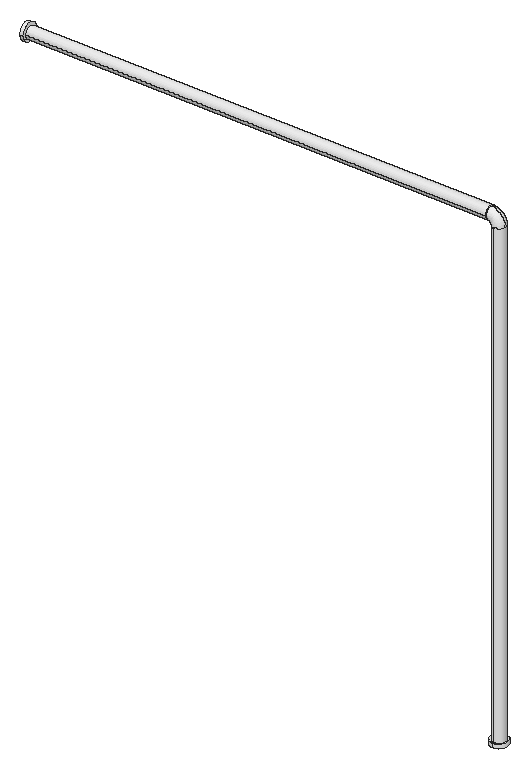
Revit family "KEUCO_14940011000", category Allgemeines Modell, Revit 2016
Family settings
  Teiletyp = Normal
  Kann Basisbauteil für Bewehrung sein = Nein
  Bemaßung runder Anschluss = Durchmesser verwenden
  Arbeitsebenenbasiert = Ja
  Immer vertikal = Nein
  Beim Laden mit Abzugskörper schneiden = Nein
  Gemeinsam genutzt = Nein
  Raumberechnungspunkt = Nein
Parameters (values of type "14940071000")
  Verwendung = "DU / WA"  # constant formula
  Preisgruppe = ""
  Kategorie = ""
  Gewicht = 0
  Breite = 1000 mm  # constant formula
  URL = "https://www.keuco.com/de/produkte/sortiment/artikel/?pid=14940&oid=7&pgo=36&country=de&lang=de&vid=14940071000"
  Materialien bei Hersteller anfragen = "Anfrage zu:  objektmanagement@keuco.de"
  Material = Verchromt
  Höhe = 426 mm
  Beschreibung = "für Viereck-Dusche 1000 x 1000 mm (U-Form)\r\nkomplett bestehend aus:\r\n4 x Wandbefestigung\r\n2 x Brausevorhangstange 900 mm\r\n1 x Brausevorhangstange 800 mm\r\n2 x Rohrbogen 90° für Viereck-Duschwannen\r\n2 x Deckenstütze 400 mm\r\n3 x Vorhangringe, weiß (Verpackungseinheit 10 Stück)\r\n2 x Verbindungsstück"
  Tiefe = 1000 mm  # constant formula
  Default Elevation = 1219.2 mm
  Serie = "Plan"  # constant formula
  Hersteller = "KEUCO"  # constant formula
  Assembly Code = ""
  Ausschreibungstext = "KEUCO PLAN Brausevorhangstangen-Set für Viereck-Dusche (U-Form)\r\n1000 x 1000 mm, 14940071000  \r\nEdelstahl/schwarzgrau (RAL 7021), Durchmesser 25 mm\r\nkomplett bestehend aus:\r\n2 x Wandbefestigung \r\n2 x Brausevorhangstange 900 mm\r\n1 x Brausevorhangstange 800 mm\r\n2 x Rohrbogen 90° für Viereck-Duschwannen\r\n2 x Deckenstütze 400 mm\r\n3 x Vorhangringe, weiß (Verpackungseinheit 10 Stück)\r\ninkl. korrosionsfreiem Befestigungsmaterial"
  Artikelnummer = "14940071000"
Types (3, lengths in mm): name | URL | Materialien bei Hersteller anfragen | Material | Ausschreibungstext | Artikelnummer
  14940011000 | "https://www.keuco.com/de/produkte/sortiment/artikel/?pid=14940&oid=7&pgo=36&country=de&lang=de&vid=14940011000" | "Request to:  objektmanagement@keuco.de" | Verchromt | "KEUCO PLAN Brausevorhangstangen-Set für Viereck-Dusche (U-Form)\r\n1000 x 1000 mm, 14940011000 \r\nHochglanzverchromt, Durchmesser 25 mm\r\nkomplett bestehend aus:\r\n2 x Wandbefestigung \r\n2 x Brausevorhangstange 900 mm\r\n1 x Brausevorhangstange 800 mm\r\n2 x Rohrbogen 90° für Viereck-Duschwannen\r\n2 x Deckenstütze 400 mm\r\n3 x Vorhangringe, weiß (Verpackungseinheit 10 Stück)\r\ninkl. korrosionsfreiem Befestigungsmaterial" | "14940011000"
  14940071000 | "https://www.keuco.com/de/produkte/sortiment/artikel/?pid=14940&oid=7&pgo=36&country=de&lang=de&vid=14940071000" | "Anfrage zu:  objektmanagement@keuco.de" | Verchromt | "KEUCO PLAN Brausevorhangstangen-Set für Viereck-Dusche (U-Form)\r\n1000 x 1000 mm, 14940071000  \r\nEdelstahl/schwarzgrau (RAL 7021), Durchmesser 25 mm\r\nkomplett bestehend aus:\r\n2 x Wandbefestigung \r\n2 x Brausevorhangstange 900 mm\r\n1 x Brausevorhangstange 800 mm\r\n2 x Rohrbogen 90° für Viereck-Duschwannen\r\n2 x Deckenstütze 400 mm\r\n3 x Vorhangringe, weiß (Verpackungseinheit 10 Stück)\r\ninkl. korrosionsfreiem Befestigungsmaterial" | "14940071000"
  14940171000 | "https://www.keuco.com/de/produkte/sortiment/artikel/?pid=14940&oid=7&pgo=36&country=de&lang=de&vid=14940171000" | "Request to:  objektmanagement@keuco.de" | Aluminium silber-eloxiert (E6 EV1) | "KEUCO PLAN Brausevorhangstangen-Set für Viereck-Dusche (U-Form)\r\n1000 x 1000 mm, 14940171000 \r\nAluminium silber-eloxiert (E6 EV1)/verchromt, \r\nDurchmesser 25 mm\r\nkomplett bestehend aus:\r\n2 x Wandbefestigung \r\n2 x Brausevorhangstange 900 mm\r\n1 x Brausevorhangstange 800 mm\r\n2 x Rohrbogen 90° für Viereck-Duschwannen\r\n2 x Deckenstütze 400 mm\r\n3 x Vorhangringe, weiß (Verpackungseinheit 10 Stück)\r\ninkl. korrosionsfreiem Befestigungsmaterial" | "14940171000"
Reference planes
  plane 1 "Center (Front/Back)": y = 0
  plane 2: z = 0
  plane 3 "Center (Left/Right)": x = 0
  plane 4: z = 1000
  plane 5: z = -7
  plane 6: x = 1000
  plane 7: x = -7
  plane 8: x = 987.5
  plane 9: z = 987.5
  plane 10: z = 970
  plane 11: x = 970
  plane 12: y = 426
  plane 13: y = 419
Forms (mm)
  Extrusion 1, solid, material "Verchromt" <- "Material"
    sketch origin (557.375, -0.828, 0) x (0, -1, 0) y (1, 0, 0)
      loop
        circle (-0.828, 430.125) r 17.5
    from -7 to 0
  Extrusion 2, solid, material "Verchromt" <- "Material"
    sketch origin (0, -0.828, 557) x (0, -1, 0) y (0, 0, -1)
      loop
        circle (-0.828, -430.5) r 17.5
    from -7 to 0
  Extrusion 3, solid, material "Verchromt" <- "Material"
    sketch origin (547.375, -0.828, 0) x (0, -1, 0) y (1, 0, 0)
      loop
        circle (-0.828, 440.125) r 12.5
    from 0 to 970
  Extrusion 4, solid, material "Verchromt" <- "Material"
    sketch origin (0, -0.828, 547.375) x (0, -1, 0) y (0, 0, -1)
      loop
        circle (-0.828, -440.125) r 12.5
    from 0 to 970
  Sweep 5, solid, material "Verchromt" <- "Material"
    path origin (0, 0, 0) x (1, 0, 0) y (0, 0, 1)
      loop
        arc (970, 987.5) -> (982.374, 982.374) -> (987.5, 970) r 17.5
    profile origin (982.374, 0, 982.374) x (0.707107, 0, 0.707107) y (0, -1, 0)
      loop
        circle (0, 0) r 12.5
Dimensions and locks
  "Breite": plane 4 to plane 2
  "Tiefe": plane 6 to plane 3 "Center (Left/Right)"
  locked: plane 2 to plane 5 at 7
  locked: plane 3 "Center (Left/Right)" to plane 7 at 7
  locked: plane 4 to plane 9 at 12.5
  locked: plane 6 to plane 8 at 12.5
  plane 6 to plane 11 = 30 mm
  plane 4 to plane 10 = 30 mm
  "Höhe": plane 12 to plane 1 "Center (Front/Back)"
  locked: plane 12 to plane 13 at 7
  plane 11 to plane 3 "Center (Left/Right)" = 970 mm
  plane 10 to plane 2 = 970 mm
  aligned and locked: level to plane 2
  aligned and locked: plane 5 to Extrusion 1
  aligned and locked: plane 2 to Extrusion 1
  aligned and locked: plane 3 "Center (Left/Right)" to Extrusion 2
  aligned and locked: Extrusion 2 to plane 7
  aligned and locked: Extrusion 3 to plane 2
  aligned and locked: plane 10 to Extrusion 3
  aligned and locked: Extrusion 4 to plane 3 "Center (Left/Right)"
  aligned and locked: plane 11 to Extrusion 4
  aligned and locked: Sweep 5 sketch curve to Extrusion 4
  aligned and locked: Extrusion 3 to Sweep 5 sketch curve
Automatic sketch dimensions
  plane 1 "Center (Front/Back)" to Extrusion 1 sketch curve = 0 mm
  Extrusion 1 sketch curve to plane 8 = 0 mm
  Extrusion 2 sketch curve to plane 1 "Center (Front/Back)" = 0 mm
  Extrusion 2 sketch curve to plane 9 = 0 mm
  plane 1 "Center (Front/Back)" to Extrusion 3 sketch curve = 0 mm
  Extrusion 3 sketch curve to plane 8 = 0 mm
  Extrusion 4 sketch curve to plane 1 "Center (Front/Back)" = 0 mm
  Extrusion 4 sketch curve to plane 9 = 0 mm
  Sweep 5 sketch curve to plane 9 = 0 mm
  Sweep 5 sketch curve to plane 1 "Center (Front/Back)" = 0 mm
  Sweep 5 sketch curve to profile plane = 0 mm
  radius of Extrusion 1 sketch curve = 17.5 mm
  radius of Extrusion 2 sketch curve = 17.5 mm
  radius of Extrusion 3 sketch curve = 12.5 mm
  radius of Extrusion 4 sketch curve = 12.5 mm
  radius of Sweep 5 sketch curve = 12.5 mm
